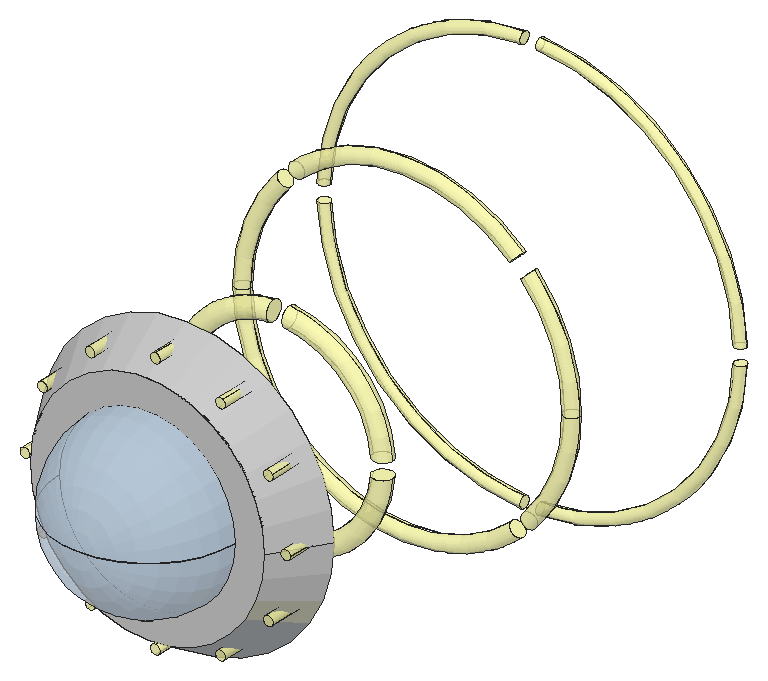
Revit family "UFO_lift", category Generic Models, Revit 2020
Family settings
  Can host rebar = No
  Round Connector Dimension = Use Diameter
  Part Type = Normal
  Work Plane-Based = Yes
  Always vertical = No
  Cut with Voids When Loaded = No
  Shared = No
  Room Calculation Point = No
Parameters (values of type "Family1")
  show_beam [instance] = yes
  Default Elevation = 1219.2 mm
Reference planes
  plane 1 "Center (Front/Back)": y = 0
  plane 2: z = 0
  plane 3 "Center (Left/Right)": x = 0
Dimensions and locks
  aligned and locked: level to plane 2
Nested families
  nested 1: "UFO_unit" at (0, -6000, 0) x (-1, 0, 0) z (0, -1, 0), show_beam <- "show_beam", type "UFO_unit"
    with show_beam yes
Definition of nested family "UFO_unit"
  Parameters (values of type "UFO_unit")
    show_beam [instance] = yes
    Default Elevation = 0 mm
  Reference planes
    plane 1 "Center (Front/Back)": y = 0
    plane 2: z = 0
    plane 3 "Center (Left/Right)": x = 0
  Forms (mm)
    Blend 1, solid
      base sketch origin (0, 0, 0) x (1, 0, 0) y (0, 1, 0)
        loop
          circle (0, 0) r 1500
      top sketch origin (0, 0, 0) x (1, 0, 0) y (0, 1, 0)
        loop
          circle (0, 0) r 1200
      from 0 to 500
    Revolve 2, solid
      sketch origin (0, 0, 0) x (1, 0, 0) y (0, 0, 1)
        loop
          arc (900, 500) -> (636.396, 1136.396) -> (0, 1400) r 900
          line (0, 1400) -> (0, 500) -> (900, 500)
        axis (0, 1400) -> (0, 500)
      angle from 0 to 360
    Extrusion 3, solid
      sketch origin (-900, 0, 0) x (1, 0, 0) y (0, 1, 0)
        loop
          circle (2234.357, 0) r 50
      from 50 to 400
    Extrusion 4, solid
      sketch origin (-779.423, 450, 0) x (0.866025, -0.5, 0) y (0.5, 0.866025, 0)
        loop
          circle (2234.357, 0) r 50
      from 50 to 400
    Extrusion 5, solid
      sketch origin (-779.423, -450, 0) x (0.866025, 0.5, 0) y (-0.5, 0.866025, 0)
        loop
          circle (2234.357, 0) r 50
      from 50 to 400
    Extrusion 6, solid
      sketch origin (-450, -779.423, 0) x (0.5, 0.866025, 0) y (-0.866025, 0.5, 0)
        loop
          circle (2234.357, 0) r 50
      from 50 to 400
    Extrusion 7, solid
      sketch origin (0, -900, 0) x (0, 1, 0) y (-1, 0, 0)
        loop
          circle (2234.357, 0) r 50
      from 50 to 400
    Extrusion 8, solid
      sketch origin (450, -779.423, 0) x (-0.5, 0.866025, 0) y (-0.866025, -0.5, 0)
        loop
          circle (2234.357, 0) r 50
      from 50 to 400
    Extrusion 9, solid
      sketch origin (779.423, -450, 0) x (-0.866025, 0.5, 0) y (-0.5, -0.866025, 0)
        loop
          circle (2234.357, 0) r 50
      from 50 to 400
    Extrusion 10, solid
      sketch origin (900, 0, 0) x (-1, 0, 0) y (0, -1, 0)
        loop
          circle (2234.357, 0) r 50
      from 50 to 400
    Extrusion 11, solid
      sketch origin (779.423, 450, 0) x (-0.866025, -0.5, 0) y (0.5, -0.866025, 0)
        loop
          circle (2234.357, 0) r 50
      from 50 to 400
    Extrusion 12, solid
      sketch origin (450, 779.423, 0) x (-0.5, -0.866025, 0) y (0.866025, -0.5, 0)
        loop
          circle (2234.357, 0) r 50
      from 50 to 400
    Extrusion 13, solid
      sketch origin (0, 900, 0) x (0, -1, 0) y (1, 0, 0)
        loop
          circle (2234.357, 0) r 50
      from 50 to 400
    Extrusion 14, solid
      sketch origin (-450, 779.423, 0) x (0.5, -0.866025, 0) y (0.866025, 0.5, 0)
        loop
          circle (2234.357, 0) r 50
      from 50 to 400
    Sweep 15, solid, visible <- "show_beam"
      path in 3D
        loop
          arc (-500, 0, 0) -> (0, -500, 0) -> (500, 0, 0) r 500
          arc (500, 0, 0) -> (0, 500, 0) -> (-500, 0, 0) r 500
      profile "profile : DD" origin (0, 500, 0) x (0, -1, 0) y (0, 0, 1)
        loop
          circle (-1629.857, -4421.73) r 60
        loop
          circle (-1183.611, -2822.233) r 80
        loop
          circle (-537.701, -1215.914) r 100
    Extrusion 16, void
      sketch origin (0, 0, 0) x (1, 0, 0) y (0, 1, 0)
        loop
          line (-3806.428, 80) -> (-3806.428, -80) -> (-80, -80) -> (-80, -3806.428) -> (80, -3806.428) -> (80, -80) -> (4573.572, -80) -> (4573.572, 80) -> (80, 80) -> (80, 4573.572) -> (-80, 4573.572) -> (-80, 80) -> (-3806.428, 80)
      from -2322.286 to -536.221
    Extrusion 17, void
      sketch origin (0, 0, 0) x (1, 0, 0) y (0, 1, 0)
        loop
          line (-3806.428, 80) -> (-3806.428, -80) -> (-80, -80) -> (-80, -3806.428) -> (80, -3806.428) -> (80, -80) -> (4573.572, -80) -> (4573.572, 80) -> (80, 80) -> (80, 4573.572) -> (-80, 4573.572) -> (-80, 80) -> (-3806.428, 80)
      from -5455.063 to -3866.147
    Extrusion 18, void
      sketch origin (0, 0, 0) x (0.707107, -0.707107, 0) y (0.707107, 0.707107, 0)
        loop
          line (-3806.428, 80) -> (-3806.428, -80) -> (-80, -80) -> (-80, -3806.428) -> (80, -3806.428) -> (80, -80) -> (4573.572, -80) -> (4573.572, 80) -> (80, 80) -> (80, 4573.572) -> (-80, 4573.572) -> (-80, 80) -> (-3806.428, 80)
      from -3372.62 to -1964.263
  Cuts and joins
    Extrusion 16, Extrusion 17, Extrusion 18 cuts Sweep 15
  Lines and regions (mm)
    reference lines
      curve 1: circle (0, 0, 0) r 500 normal (0, 0, 1)
    sketch lines
      curve 2: circle (0, 0, 0) r 500 normal (0, 0, 1)
  Dimensions and locks
    aligned and locked: plane 2 to level
